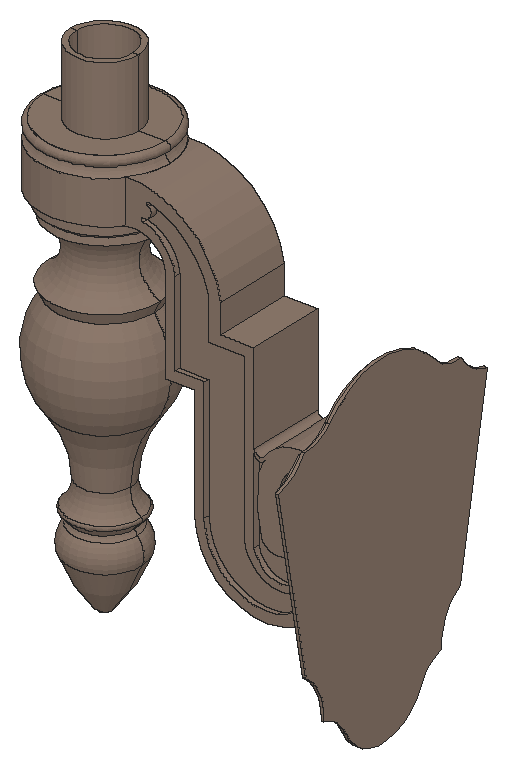
Revit family "WM832", category Generic Models, Revit 2014
Parameters
  WELD = Bronze, Architectural
  WALL MOUNT = Bronze, Architectural
  COUPLING = Bronze, Architectural
  ARM = Bronze, Architectural
Reference planes (in)
  plane 1 "Center (Front/Back)": y = 0
  plane 2: z = 0
  plane 3 "Center (Left/Right)": x = 0
Forms (in)
  Extrusion 1, solid, material "Bronze, Architectural" <- "WALL MOUNT"
    sketch origin (0, -19.8601, 0) x (0, 1, 0) y (0, 0, 1)
      loop
        arc (22.77394, 18.54579) -> (19.8601, 19.89097) -> (16.94626, 18.54579) r 3.82848
        arc (16.94626, 18.54579) -> (16.31537, 18.10588) -> (15.5529, 18.00499) r 1.62662
        arc (15.5529, 18.00499) -> (14.94411, 17.35847) -> (14.13123, 17.00093) r 2.22907
        line (14.13123, 17.00093) -> (15.60524, 9.04186)
        arc (15.60524, 9.04186) -> (16.40192, 8.10958) -> (16.62758, 6.9042) r 2.37588
        arc (16.62758, 6.9042) -> (17.34064, 6.54978) -> (17.7998, 5.8992) r 1.62545
        arc (17.7998, 5.8992) -> (19.8601, 4.64097) -> (21.9204, 5.8992) r 2.31594
        arc (21.9204, 5.8992) -> (22.38012, 6.54912) -> (23.09262, 6.9042) r 1.63185
        arc (23.09262, 6.9042) -> (23.31257, 8.09893) -> (24.10575, 9.01906) r 2.32181
        line (24.10575, 9.01906) -> (25.58897, 17.00093)
        arc (25.58897, 17.00093) -> (24.77591, 17.35823) -> (24.1673, 18.00499) r 2.22558
        arc (24.1673, 18.00499) -> (23.40233, 18.09944) -> (22.77394, 18.54579) r 1.57387
    from -0.12447 to 0
  Extrusion 2, solid, material "Bronze, Architectural" <- "WALL MOUNT"
    sketch origin (0, -19.8601, 0) x (0, 1, 0) y (0, 0, 1)
      loop
        arc (22.58259, 18.38488) -> (19.8601, 19.64093) -> (17.13761, 18.38488) r 3.57852
        arc (17.13761, 18.38488) -> (16.48303, 17.89836) -> (15.68188, 17.74555) r 1.82499
        arc (15.68188, 17.74555) -> (15.12355, 17.18033) -> (14.41827, 16.81456) r 2.54775
        line (14.41827, 16.81456) -> (15.84077, 9.1659)
        arc (15.84077, 9.1659) -> (16.61029, 8.25404) -> (16.88521, 7.09298) r 2.57054
        arc (16.88521, 7.09298) -> (17.57834, 6.67283) -> (18.02925, 5.9993) r 1.87421
        arc (18.02925, 5.9993) -> (19.8601, 4.891) -> (21.69095, 5.9993) r 2.06638
        arc (21.69095, 5.9993) -> (22.14229, 6.67238) -> (22.83499, 7.09298) r 1.88025
        arc (22.83499, 7.09298) -> (23.11015, 8.25393) -> (23.87943, 9.1659) r 2.57273
        line (23.87943, 9.1659) -> (25.30193, 16.81456)
        arc (25.30193, 16.81456) -> (24.5964, 17.18) -> (24.03832, 17.74555) r 2.53969
        arc (24.03832, 17.74555) -> (23.23717, 17.89836) -> (22.58259, 18.38488) r 1.82499
    from -0.37447 to -0.12447
  Revolve 3, solid, material "Bronze, Architectural" <- "ARM"
    sketch origin (3.67133, 0, -1.45469) x (1, 0, 0) y (0, 0, 1)
      loop
        line (-15.94628, 7.0383) -> (-15.94628, 26.55316) -> (-18.62427, 26.55316)
        arc (-18.62427, 26.55316) -> (-18.82695, 26.35048) -> (-18.62427, 26.1478) r 0.20268
        arc (-18.62427, 26.1478) -> (-18.68802, 25.92633) -> (-18.82695, 25.74245) r 0.63188
        line (-18.82695, 25.74245) -> (-18.82695, 23.8508) -> (-18.50878, 23.8508) -> (-18.50878, 23.2883) -> (-18.25878, 23.1008) -> (-18.32128, 22.7883)
        arc (-18.32128, 22.7883) -> (-17.47786, 21.42421) -> (-18.38378, 20.1008) r 1.46993
        line (-18.38378, 20.1008) -> (-18.13378, 19.6008)
        arc (-18.13378, 19.6008) -> (-18.8807, 17.3626) -> (-18.06755, 15.1476) r 3.56832
        arc (-18.06755, 15.1476) -> (-17.35813, 13.81686) -> (-17.0904, 12.33279) r 4.86404
        arc (-17.0904, 12.33279) -> (-17.19377, 11.74064) -> (-17.54793, 11.25493) r 1.32627
        arc (-17.54793, 11.25493) -> (-17.59043, 11.17455) -> (-17.56722, 11.08664) r 0.125
        arc (-17.56722, 11.08664) -> (-17.41547, 10.89846) -> (-17.24628, 10.7258) r 2.50356
        arc (-17.24628, 10.7258) -> (-17.2967, 10.60907) -> (-17.36912, 10.50455) r 0.64281
        arc (-17.36912, 10.50455) -> (-17.65442, 9.97114) -> (-17.57997, 9.37084) r 1
        arc (-17.57997, 9.37084) -> (-17.04151, 8.22637) -> (-16.30963, 7.19482) r 7.14253
        arc (-16.30963, 7.19482) -> (-16.14409, 7.07909) -> (-15.94628, 7.0383) r 0.5
      axis (-15.94628, 26.55316) -> (-15.94628, 7.0383)
    angle from 0 to 360
  Extrusion 4, solid, material "Bronze, Architectural" <- "ARM"
    sketch origin (3.66942, 0, -1.4291) x (1, 0, 0) y (0, 0, 1)
      loop
        line (-13.74929, 25.75813) -> (-13.74929, 23.78904)
        arc (-13.74929, 23.78904) -> (-12.36999, 23.54689) -> (-11.83364, 22.25328) r 1.45521
        line (-11.83364, 22.25328) -> (-11.83364, 18.40488) -> (-10.55002, 18.40488) -> (-10.55002, 13.45108)
        arc (-10.55002, 13.45108) -> (-7.63858, 10.29815) -> (-4.26411, 12.94966) r 3.16295
        arc (-4.26411, 12.94966) -> (-4.14768, 13.53219) -> (-4.1002, 14.12434) r 5.06972
        arc (-4.1002, 14.12434) -> (-4.07775, 14.40033) -> (-4.07025, 14.67712) r 5.12238
        arc (-4.07025, 14.67712) -> (-4.10838, 15.30065) -> (-4.22223, 15.91488) r 5.11427
        arc (-4.22223, 15.91488) -> (-4.37346, 16.3762) -> (-4.58967, 16.81088) r 3.35637
        arc (-4.58967, 16.81088) -> (-4.66842, 16.93487) -> (-4.75492, 17.05359) r 2.30096
        arc (-4.75492, 17.05359) -> (-6.16763, 17.62799) -> (-7.47063, 16.83561) r 1.69612
        arc (-7.47063, 16.83561) -> (-7.75568, 16.74331) -> (-7.94343, 16.97682) r 0.26402
        line (-7.94343, 16.97682) -> (-7.94343, 20.9944) -> (-9.43554, 20.9944) -> (-9.43554, 22.25328)
        arc (-9.43554, 22.25328) -> (-10.91001, 24.8456) -> (-13.74929, 25.75813) r 4.10945
    from -1.75 to 1.75
  Revolve 5, solid, material "Bronze, Architectural" <- "COUPLING"
    sketch origin (3.66942, 0, -1.45449) x (1, 0, 0) y (0, 0, 1)
      loop
        line (-17.44612, 26.55278) -> (-15.94612, 26.55278) -> (-15.94612, 29.55278) -> (-17.44612, 29.55278) -> (-17.44612, 26.55278)
      axis (-15.94612, 26.55278) -> (-15.94612, 29.55278)
    angle from 0 to 360
  Extrusion 6, void
    sketch origin (1.46875, 0, 0) x (1, 0, 0) y (0, 0, 1)
      loop
        arc (-10.6477, 22.80537) -> (-9.68495, 22.18824) -> (-9.24437, 21.13295) r 1.91851
        line (-9.24437, 21.13295) -> (-9.24437, 17.41227) -> (-7.96075, 17.41227) -> (-7.96075, 12.03429)
        arc (-7.96075, 12.03429) -> (-6.97413, 9.95646) -> (-4.75654, 9.34565) r 2.76274
        arc (-4.75654, 9.34565) -> (-3.56232, 10.07177) -> (-2.96409, 11.33491) r 2.43495
        arc (-2.96409, 11.33491) -> (-2.87478, 11.70929) -> (-2.83411, 12.09202) r 3.00224
        arc (-2.83411, 12.09202) -> (-2.95229, 11.67742) -> (-3.11253, 11.2772) r 4.18073
        arc (-3.11253, 11.2772) -> (-4.84473, 10.37116) -> (-6.16259, 11.81501) r 1.60152
        line (-6.16259, 11.81501) -> (-6.16259, 19.09371) -> (-7.76665, 19.09371) -> (-7.76665, 20.94971)
        arc (-7.76665, 20.94971) -> (-8.7027, 22.67969) -> (-10.3818, 23.70424) r 3.77624
        arc (-10.3818, 23.70424) -> (-10.47761, 23.61817) -> (-10.40857, 23.50946) r 0.09968
        arc (-10.40857, 23.50946) -> (-10.30026, 23.17775) -> (-10.59629, 22.99302) r 0.28301
        arc (-10.59629, 22.99302) -> (-10.71582, 22.9249) -> (-10.6477, 22.80537) r 0.09728
    from -1.75 to -1.5
  Extrusion 7, void
    sketch origin (1.46875, 0, 0.03125) x (1, 0, 0) y (0, 0, 1)
      loop
        arc (-5.27186, 15.21028) -> (-5.55413, 15.11716) -> (-5.74417, 15.34571) r 0.26402
        line (-5.74417, 15.34571) -> (-5.74417, 11.62015)
        arc (-5.74417, 11.62015) -> (-4.76187, 10.61159) -> (-3.45374, 11.13208) r 1.26784
        arc (-3.45374, 11.13208) -> (-2.80809, 12.73473) -> (-3.0503, 14.44549) r 3.33776
        arc (-3.0503, 14.44549) -> (-3.27324, 14.89661) -> (-3.68906, 15.18) r 0.99064
        arc (-3.68906, 15.18) -> (-4.05073, 15.17462) -> (-4.34718, 14.96738) r 0.61676
        arc (-4.34718, 14.96738) -> (-4.6357, 14.1096) -> (-4.46423, 13.22099) r 1.77654
        arc (-4.46423, 13.22099) -> (-4.11161, 11.93869) -> (-5.42672, 12.13645) r 0.79319
        arc (-5.42672, 12.13645) -> (-5.59356, 13.19909) -> (-5.56317, 14.27431) r 5.85414
        arc (-5.56317, 14.27431) -> (-5.48159, 14.76224) -> (-5.27186, 15.21028) r 1.82323
    from -1.75 to -1.5
  Extrusion 8, void
    sketch origin (1.46848, 0, 0) x (1, 0, 0) y (0, 0, 1)
      loop
        arc (-10.6477, 22.80537) -> (-9.68495, 22.18824) -> (-9.24437, 21.13295) r 1.91851
        line (-9.24437, 21.13295) -> (-9.24437, 17.41227) -> (-7.96075, 17.41227) -> (-7.96075, 12.03429)
        arc (-7.96075, 12.03429) -> (-6.97413, 9.95646) -> (-4.75654, 9.34565) r 2.76274
        arc (-4.75654, 9.34565) -> (-3.56232, 10.07177) -> (-2.96409, 11.33491) r 2.43495
        arc (-2.96409, 11.33491) -> (-2.87478, 11.70929) -> (-2.83411, 12.09202) r 3.00224
        arc (-2.83411, 12.09202) -> (-2.95229, 11.67742) -> (-3.11253, 11.2772) r 4.18073
        arc (-3.11253, 11.2772) -> (-4.84473, 10.37116) -> (-6.16259, 11.81501) r 1.60152
        line (-6.16259, 11.81501) -> (-6.16259, 19.09371) -> (-7.76665, 19.09371) -> (-7.76665, 20.94971)
        arc (-7.76665, 20.94971) -> (-8.7027, 22.67969) -> (-10.3818, 23.70424) r 3.77624
        arc (-10.3818, 23.70424) -> (-10.47761, 23.61817) -> (-10.40857, 23.50946) r 0.09968
        arc (-10.40857, 23.50946) -> (-10.30026, 23.17775) -> (-10.59629, 22.99302) r 0.28301
        arc (-10.59629, 22.99302) -> (-10.71582, 22.9249) -> (-10.6477, 22.80537) r 0.09728
    from 1.5 to 1.75
  Extrusion 9, void
    sketch origin (1.46878, 0, 0.03125) x (1, 0, 0) y (0, 0, 1)
      loop
        arc (-5.27186, 15.21028) -> (-5.55413, 15.11716) -> (-5.74417, 15.34571) r 0.26402
        line (-5.74417, 15.34571) -> (-5.74417, 11.62015)
        arc (-5.74417, 11.62015) -> (-4.76187, 10.61159) -> (-3.45374, 11.13208) r 1.26784
        arc (-3.45374, 11.13208) -> (-2.80809, 12.73473) -> (-3.0503, 14.44549) r 3.33776
        arc (-3.0503, 14.44549) -> (-3.27324, 14.89661) -> (-3.68906, 15.18) r 0.99064
        arc (-3.68906, 15.18) -> (-4.05073, 15.17462) -> (-4.34718, 14.96738) r 0.61676
        arc (-4.34718, 14.96738) -> (-4.6357, 14.1096) -> (-4.46423, 13.22099) r 1.77654
        arc (-4.46423, 13.22099) -> (-4.11161, 11.93869) -> (-5.42672, 12.13645) r 0.79319
        arc (-5.42672, 12.13645) -> (-5.59356, 13.19909) -> (-5.56317, 14.27431) r 5.85414
        arc (-5.56317, 14.27431) -> (-5.48159, 14.76224) -> (-5.27186, 15.21028) r 1.82323
    from 1.5 to 1.75
  Extrusion 10, solid, material "Bronze, Architectural" <- "WELD"
    sketch origin (0, 0, 0) x (1, 0, 0) y (0, 0, 1)
      loop
        arc (-0.37447, 14.98369) -> (-0.54688, 14.94345) -> (-0.7193, 14.98369) r 0.38954
        arc (-0.7193, 14.98369) -> (-0.44151, 12.41787) -> (-1.29905, 9.98369) r 5.82768
        arc (-1.29905, 9.98369) -> (-0.83676, 10.11072) -> (-0.37447, 9.98369) r 0.90466
        line (-0.37447, 9.98369) -> (-0.37447, 14.98369)
    from -1.75 to 1.75
  Revolve 11, void
    sketch origin (0, 0, 0) x (1, 0, 0) y (0, 0, 1)
      loop
        line (-13.5267, 28.09828) -> (-13.5267, 25.09828) -> (-12.2767, 25.09828) -> (-12.2767, 28.09828) -> (-13.5267, 28.09828)
      axis (-12.2767, 28.09828) -> (-12.2767, 25.09828)
    angle from 0 to 360
Cuts and joins
  Extrusion 6, Extrusion 7, Extrusion 8, Extrusion 9 cuts Extrusion 4
  Revolve 11 cuts Revolve 5
Dimensions and locks (in)
  aligned and locked: plane 2 to level
